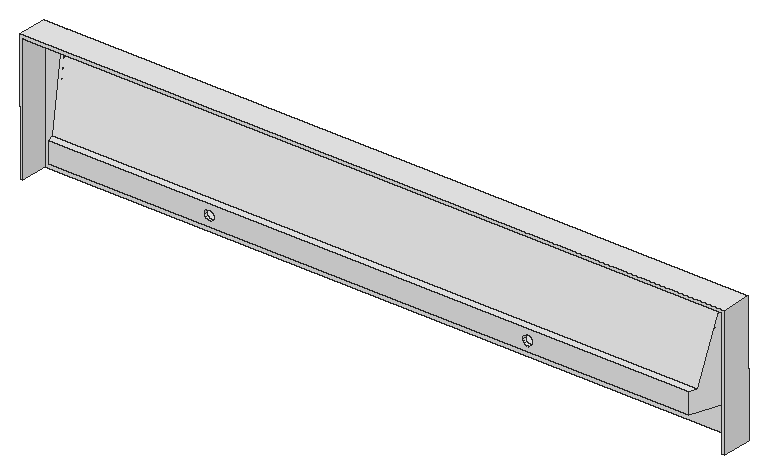
Revit family "xLavatory-Four_Station-Sloan-Designer_Weir_Series-DSWD-84000", category Plumbing Fixtures, host Face, Revit 2014
Parameters (values of type "DSWD-84000")
  Width = 120"
  Waste Connection Radius = 3/4"
  Waste Connection Height = 20"
  Waste Connection Diameter = Waste Connection Radius * 2  # 1 1/2"
  Waste Connection = yes
  Warranty Information = "3 Year Limited Warranty"
  WFU = 2
  Vent Connection = no
  URL = "https://www.sloan.com/"
  Type Comments = ""
  Stainless Steel Basin Grate [instance] = yes
  Soap Dispenser Holes = yes
  Soap Dispenser Hole Punch = if(Soap Dispenser Holes, 0", 1/4")  # 0"
  Product Page URL = "https://www.sloan.com/commercial-bathroom-products/sinks/designer-series/dswd-80000"
  Product Documentation Link = "https://www.sloan.com/sites/default/files/2017-10/DSWD84000%20Arch%20Worksheet.pdf"
  Price = "Prices may vary. Please consult Manufacturer Representative for most up-to-date price list."  # constant formula
  Model = "DSWD-84000"
  Material = "Natural Stone-Sloan-DSC001-Designer White"
  Manufacturer = "SLOAN"
  Length = 22"
  Installation Type = "Wall Mounted"
  IAPMO Compliance = "cUPC"
  Hot Water Connection Width = Cold Water Connection Width  # 3"
  Hot Water Connection Height = Cold Water Connection Height  # 24"
  Hot Water Connection Diameter = Cold Water Connection Diameter  # 1/2"
  Faucet Width = 30"
  Faucet Hole Punch = if(Faucet Holes, 0", 1/4")  # 0"
  Height = 5"
  HWFU = 1.5
  HW Connection = yes
  Finish = Natural Stone-Sloan-DSC001-Designer White
  Faucet Holes = yes
  Description = "Four Station Weir Deck Lavatory"
  Default Elevation = 34"
  Creation Date = "01/23/2018"
  Cold Water Connection Width = 3"
  Cold Water Connection Radius = 1/4"
  Cold Water Connection Height = 24"
  Cold Water Connection Diameter = Cold Water Connection Radius * 2  # 1/2"
  CWFU = 1.5
  CW Connection = yes
  Basin Shape = "Rectangular"
  Assembly Code = "D2010300"
  Angled Stainless Steel Enclosure [instance] = no
  ADA Compliant = yes
Reference planes (in)
  plane 1 "Center (Front/Back)": y = 0
  plane 2: z = 0
  plane 3 "Center (Left/Right)": x = 0
  plane 4: y = -5
  plane 5: z = 22
  plane 6: y = -34
  plane 7: y = -14
  plane 8: y = -10
  plane 9: x = 60
  plane 10: x = -60
  plane 11: x = 56
  plane 12: x = -56
  plane 13: x = -27.125
  plane 14: x = 27.125
  plane 15: z = 6.25
  plane 16: z = 3.125
  plane 17: x = -21
  plane 18: x = -39
  plane 19: x = 21
  plane 20: x = 39
  plane 21: x = -15
  plane 22: x = -45
  plane 23: z = 2.75
  plane 24: x = 15
  plane 25: x = 45
  plane 26: x = -30.125
  plane 27: x = -24.125
  plane 28: x = 30.125
  plane 29: x = 24.125
  plane 30: y = -22
  plane 31: x = -19.6875
  plane 32: x = 19.6875
  plane 33: x = -19.875
  plane 34: x = 19.875
Forms (in)
  Extrusion 1, solid, material "Natural Stone-Sloan-DSC001-Designer White" <- "Finish"
    sketch origin (0, 0, 0) x (1, 0, 0) y (0, 0, 1)
      loop
        line (60, 0) -> (60, 22) -> (56, 22) -> (56, 5) -> (-56, 5) -> (-56, 22) -> (-60, 22) -> (-60, 0) -> (60, 0)
    from 0 to 0.5
  Extrusion 2, solid, material "Natural Stone-Sloan-DSC001-Designer White" <- "Finish"
    sketch origin (0, 0, 0) x (1, 0, 0) y (0, 1, 0)
      loop
        line (-54.58906, -5.46208) -> (-54.08274, -5.4779) -> (-56, 0) -> (-56.33543, -0.47244) -> (-54.58906, -5.46208)
      loop
        line (54.58906, -5.46208) -> (56.33543, -0.47244) -> (56, 0) -> (54.08274, -5.4779) -> (54.58906, -5.46208)
    from 5 to 22
  Extrusion 3, solid, not visible
    sketch origin (0, 0, 0) x (1, 0, 0) y (0, 1, 0)
      loop
        circle (-27.125, -14) r 0.75
      loop
        circle (-30.125, -10) r 0.25
      loop
        circle (-24.125, -10) r 0.25
      loop
        circle (27.125, -14) r 0.75
      loop
        circle (30.125, -10) r 0.25
      loop
        circle (24.125, -10) r 0.25
    from 0 to 0.032
  Extrusion 4, void
    sketch origin (0, 0, 0) x (1, 0, 0) y (0, 0, 1)
      loop
        circle (-15, 2.75) r 0.625
      loop
        circle (-45, 2.75) r 0.625
      loop
        circle (15, 2.75) r 0.625
      loop
        circle (45, 2.75) r 0.625
    from 0 <- "Faucet Hole Punch" to 0.5
  Extrusion 5, void
    sketch origin (0, 0, 23) x (1, 0, 0) y (0, 0, 1)
      loop
        circle (-21, -19.875) r 0.5
      loop
        circle (-39, -19.875) r 0.5
      loop
        circle (21, -19.875) r 0.5
      loop
        circle (39, -19.875) r 0.5
    from 0 <- "Soap Dispenser Hole Punch" to 0.5
  Extrusion 6, solid, material "Natural Stone-Sloan-DSC001-Designer White" <- "Finish"
    sketch origin (44, 0, 112.82314) x (0, 0, -1) y (0, 1, 0)
      loop
        line (107.82314, 0) -> (107.82314, -5.28906) -> (105.32314, -5.28906) -> (105.32314, -4) -> (90.82314, 0) -> (90.82314, -0.51868) -> (104.82314, -4.38075) -> (104.82314, -5.78906) -> (108.32314, -5.78906) -> (108.32314, -0.5) -> (107.82314, 0)
    from -100.33543 to 12.33543
  Extrusion 7, solid, material "Natural Stone-Sloan-DSC001-Designer White" <- "Finish"
    sketch origin (0, 1.2938, 0) x (1, 0, 0) y (0, 0, 1)
      loop
        line (60, 22) -> (-60, 22) -> (-60, 0) -> (-59.5, 0) -> (-59.5, 21.5) -> (59.5, 21.5) -> (59.5, 0) -> (60, 0) -> (60, 22)
    from 1.7938 to 6.2938
  Extrusion 8, void
    sketch origin (0, 0, 0) x (1, 0, 0) y (0, 1, 0)
      loop
        line (56.33543, -0.47244) -> (54.47461, -5.78906) -> (56.33543, -5.78906) -> (56.33543, -0.47244)
      loop
        line (-56.33543, -0.47244) -> (-56.33543, -5.78906) -> (-54.47461, -5.78906) -> (-56.33543, -0.47244)
    from 0 to 21.5
  Extrusion 9, void
    sketch origin (44, 0, 112.82314) x (0, 0, -1) y (0, 1, 0)
      loop
        line (104.82314, -4.38075) -> (90.82314, -0.51868) -> (90.82314, -5.78906) -> (104.82314, -5.78906) -> (104.82314, -4.38075)
    from -100.33543 to 12.33543
  Extrusion 10, void
    sketch origin (0, 0, 0) x (1, 0, 0) y (0, 0, 1)
      loop
        circle (27.125, 6.25) r 0.875
      loop
        circle (-27.125, 6.25) r 0.875
    from 5.28906 to 5.78906
  Extrusion 11, solid, material "Stainless Steel-Sloan-Satin", visible <- "Angled Stainless Steel Enclosure"
    sketch origin (0, 25.02578, 59.38794) x (0, 1, 0) y (0, 0, 1)
      loop
        line (-30.62246, -47.25332) -> (-30.74068, -46.38635) -> (-32.10307, -46.57213) -> (-31.98485, -47.43911) -> (-30.62246, -47.25332)
      loop
        line (-32.03833, -47.50948) -> (-30.55208, -47.30681) -> (-30.6872, -46.31598) -> (-32.17344, -46.51865) -> (-32.03833, -47.50948)
      loop
        line (-45.48491, -49.28) -> (-45.60313, -48.41303) -> (-46.96553, -48.59881) -> (-46.8473, -49.46578) -> (-45.48491, -49.28)
      loop
        line (-45.41454, -49.33349) -> (-45.54965, -48.34265) -> (-47.0359, -48.54532) -> (-46.90078, -49.53615) -> (-45.41454, -49.33349)
    from -59.0625 to 59.0625
  Extrusion 12, solid, material "Stainless Steel-Sloan-Satin", visible <- "Angled Stainless Steel Enclosure"
    sketch origin (39.8125, 25.02656, 59.38608) x (0, 1, 0) y (0, 0, 1)
      loop
        arc (-30.71712, -46.22346) -> (-30.69443, -46.1936) -> (-30.72429, -46.1709) r 0.02652
        line (-30.72429, -46.1709) -> (-47.06827, -48.39963)
        arc (-47.06827, -48.39963) -> (-47.12442, -48.44125) -> (-47.14314, -48.50859) r 0.10755
        line (-47.14314, -48.50859) -> (-47.0696, -49.04788) -> (-47.14957, -49.517) -> (-47.10028, -49.5254) -> (-47.01903, -49.04872) -> (-47.0933, -48.504)
        arc (-47.0933, -48.504) -> (-47.08629, -48.47456) -> (-47.0653, -48.45275) r 0.05755
        line (-47.0653, -48.45275) -> (-30.71712, -46.22346)
    from -59.5 to -20.125
  Extrusion 13, solid, material "Stainless Steel-Sloan-Satin", visible <- "Angled Stainless Steel Enclosure"
    sketch origin (0.25, 25.02656, 59.38608) x (0, 1, 0) y (0, 0, 1)
      loop
        arc (-30.71712, -46.22346) -> (-30.69443, -46.1936) -> (-30.72429, -46.1709) r 0.02652
        line (-30.72429, -46.1709) -> (-47.06827, -48.39963)
        arc (-47.06827, -48.39963) -> (-47.12442, -48.44125) -> (-47.14314, -48.50859) r 0.10755
        line (-47.14314, -48.50859) -> (-47.0696, -49.04788) -> (-47.14957, -49.517) -> (-47.10028, -49.5254) -> (-47.01903, -49.04872) -> (-47.0933, -48.504)
        arc (-47.0933, -48.504) -> (-47.08629, -48.47456) -> (-47.0653, -48.45275) r 0.05755
        line (-47.0653, -48.45275) -> (-30.71712, -46.22346)
    from -59.5 to -20.125
  Sweep 14, solid, material "Stainless Steel-Sloan-Satin", visible <- "Angled Stainless Steel Enclosure"
    path origin (0.25, 0, 0) x (0, 1, 0) y (0, 0, 1)
      loop
        line (-1.09528, 13.69464) -> (-21.875, 10.86104) -> (-21.875, 0) -> (-1.09528, 0) -> (-1.09528, 13.69464)
    profile origin (0.25, -1.09528, 6.84732) x (1, 0, 0) y (0, 1, 0)
      loop
        line (-59.5, 0) -> (-59.5, -1.75) -> (-59.3125, -1.75) -> (-59.3125, -0.1875) -> (-57.75, -0.1875) -> (-57.75, 0) -> (-59.5, 0)
  Extrusion 15, solid, material "Stainless Steel-Sloan-Satin", visible <- "Angled Stainless Steel Enclosure"
    sketch origin (-0.25, 25.02656, 59.38608) x (0, 1, 0) y (0, 0, -1)
      loop
        line (-30.71712, 46.22346) -> (-47.0653, 48.45275)
        arc (-47.0653, 48.45275) -> (-47.08629, 48.47456) -> (-47.0933, 48.504) r 0.05755
        line (-47.0933, 48.504) -> (-47.01903, 49.04872) -> (-47.10028, 49.5254) -> (-47.14957, 49.517) -> (-47.0696, 49.04788) -> (-47.14314, 48.50859)
        arc (-47.14314, 48.50859) -> (-47.12442, 48.44125) -> (-47.06827, 48.39963) r 0.10755
        line (-47.06827, 48.39963) -> (-30.72429, 46.1709)
        arc (-30.72429, 46.1709) -> (-30.69443, 46.1936) -> (-30.71712, 46.22346) r 0.02652
    from -59.5 to -20.125
  Sweep 16, solid, material "Stainless Steel-Sloan-Satin", visible <- "Angled Stainless Steel Enclosure"
    path origin (-0.25, 0, 0) x (0, 1, 0) y (0, 0, -1)
      loop
        line (-1.09528, -13.69464) -> (-1.09528, 0) -> (-21.875, 0) -> (-21.875, -10.86104) -> (-1.09528, -13.69464)
    profile origin (-0.25, -1.09528, 6.84732) x (-1, 0, 0) y (0, -1, 0)
      loop
        line (-59.5, 0) -> (-57.75, 0) -> (-57.75, 0.1875) -> (-59.3125, 0.1875) -> (-59.3125, 1.75) -> (-59.5, 1.75) -> (-59.5, 0)
  Extrusion 17, solid, material "Stainless Steel-Sloan-Satin", visible <- "Angled Stainless Steel Enclosure"
    sketch origin (10.60653, 0, 0) x (0, 1, 0) y (0, 0, 1)
      loop
        line (-1.09528, 13.84278) -> (-21.875, 11.00919) -> (-21.875, 0) -> (-1.09528, 0) -> (-1.09528, 13.84278)
    from -69.91903 to -69.85653
  Extrusion 18, solid, material "Stainless Steel-Sloan-Satin", visible <- "Angled Stainless Steel Enclosure"
    sketch origin (-10.60653, 0, 0) x (0, 1, 0) y (0, 0, -1)
      loop
        line (-1.09528, -13.84278) -> (-1.09528, 0) -> (-21.875, 0) -> (-21.875, -11.00919) -> (-1.09528, -13.84278)
    from -69.91903 to -69.85653
Cuts and joins
  Extrusion 4, Extrusion 5, Extrusion 10 cuts Extrusion 1
  Extrusion 4, Extrusion 5, Extrusion 9, Extrusion 10 cuts Extrusion 2
  Extrusion 8, Extrusion 10 cuts Extrusion 6
  Extrusion 10 cuts Extrusion 7
  joined: Extrusion 1, Extrusion 2, Extrusion 6, Extrusion 7
  joined: Extrusion 11, Extrusion 12, Extrusion 13, Sweep 14, Extrusion 15, Sweep 16, Extrusion 17, Extrusion 18
Lines and regions (in)
  Masking region 1
    outline origin (44, -5.28906, 4.52756) x (0, 0, 1) y (1, 0, 0)
      loop
        line (17.47244, 16) -> (-4.52756, 16) -> (-4.52756, -104) -> (17.47244, -104) -> (17.47244, 16)
  symbolic lines, detail levels medium+fine
    curve 1: line (-56, 0, 5) -> (56, 0, 5)
    curve 2: line (-54.6, 0, 7.5) -> (54.6, 0, 7.5)
    curve 3: line (56, 0, 5) -> (56, 0, 22)
    curve 4: line (56, 0, 22) -> (54.6, 0, 7.5)
    curve 5: line (54.14883, 0, 7.5) -> (54.14883, 0, 5)
    curve 6: line (-56, 0, 5) -> (-56, 0, 22)
    curve 7: line (-56, 0, 22) -> (-54.6, 0, 7.5)
    curve 8: line (-54.14883, 0, 7.5) -> (-54.14883, 0, 5)
  symbolic lines, detail levels fine
    curve 9: line (27.14883, 0, 5) -> (27.14883, 0, 7.5)
    curve 10: line (-27.125, 0, 5) -> (-27.125, 0, 7.5)
  symbolic lines, visible <- "Faucet Holes", detail levels medium+fine
    curve 11: circle (45, 0, 2.75) r 0.625 normal (0, -1, 0)
    curve 14: circle (15, 0, 2.75) r 0.625 normal (0, -1, 0)
    curve 15: circle (-15, 0, 2.75) r 0.625 normal (0, -1, 0)
    curve 18: circle (-45, 0, 2.75) r 0.625 normal (0, -1, 0)
  symbolic lines, visible <- "Soap Dispenser Holes", detail levels medium+fine
    curve 12: circle (39, 0, 3.125) r 0.5 normal (0, -1, 0)
    curve 13: circle (21, 0, 3.125) r 0.5 normal (0, -1, 0)
    curve 16: circle (-21, 0, 3.125) r 0.5 normal (0, -1, 0)
    curve 17: circle (-39, 0, 3.125) r 0.5 normal (0, -1, 0)
Dimensions and locks (in)
  "Length": host face to plane 5
  "Height": plane 4 to plane 1 "Center (Front/Back)"
  "Cold Water Connection Height": plane 6 to plane 8
  "Waste Connection Height": plane 6 to plane 7
  "Default Elevation": plane 6 to plane 1 "Center (Front/Back)"
  "Width": plane 9 to plane 10
  plane 9 to plane 11 to plane 12 to plane 10 = 4", 112", 4"
  equal spacing: plane 13, plane 3 "Center (Left/Right)", plane 14
  equal spacing: plane 9, plane 3 "Center (Left/Right)", plane 10
  plane 1 "Center (Front/Back)" to plane 6 = 34"
  aligned and locked: plane 2 to host face
  aligned and locked: level to host face
  aligned and locked: Extrusion 1 sketch curve to level
  aligned and locked: Extrusion 1 sketch curve to plane 5
  aligned and locked: Extrusion 1 to Extrusion 4
  aligned and locked: plane 9 to Extrusion 1 sketch curve
  aligned and locked: Extrusion 1 sketch curve to plane 11
  aligned and locked: Extrusion 1 sketch curve to plane 10
  aligned and locked: plane 12 to Extrusion 1 sketch curve
  aligned and locked: Extrusion 6 to Extrusion 10  (x2)
  aligned and locked: plane 14 to Extrusion 10 sketch curve
  aligned and locked: plane 13 to Extrusion 10 sketch curve
  aligned and locked: plane 21 to Extrusion 4 sketch curve
  aligned and locked: Extrusion 4 sketch curve to plane 24
  aligned and locked: plane 26 to Extrusion 3 sketch curve
  aligned and locked: plane 27 to Extrusion 3 sketch curve
  aligned and locked: Extrusion 3 sketch curve to plane 28
  aligned and locked: Extrusion 3 sketch curve to plane 29
  aligned and locked: curve 11 to cut or joined group 1 (Extrusion 1, Extrusion 2, Extrusion 4, Extrusion 5, Extrusion 6, Extrusion 7, Extrusion 8, Extrusion 9, Extrusion 10)
  aligned and locked: curve 12 to cut or joined group 1
  aligned and locked: curve 13 to cut or joined group 1
  aligned and locked: curve 14 to cut or joined group 1
  aligned and locked: curve 15 to cut or joined group 1
  aligned and locked: curve 16 to cut or joined group 1
  aligned and locked: curve 17 to cut or joined group 1
  aligned and locked: curve 18 to cut or joined group 1
Automatic sketch dimensions
  host sketch curve to host sketch curve = 96"  (x2)
  Extrusion 1 sketch curve to plane 5 = 0"
  level to Extrusion 1 sketch curve = 5"
  plane 7 to Extrusion 3 sketch curve = 0"  (x2)
  Extrusion 3 sketch curve to plane 13 = 0"
  Extrusion 3 sketch curve to plane 14 = 0"
  plane 8 to Extrusion 3 sketch curve = 0"  (x4)
  Extrusion 4 sketch curve to plane 22 = 0"
  Extrusion 4 sketch curve to plane 23 = 0"  (x4)
  plane 25 to Extrusion 4 sketch curve = 0"
  Extrusion 5 sketch curve to plane 16 = 0"  (x4)
  Extrusion 5 sketch curve to plane 18 = 0"
  Extrusion 5 sketch curve to plane 17 = 0"
  plane 19 to Extrusion 5 sketch curve = 0"
  plane 20 to Extrusion 5 sketch curve = 0"
  Extrusion 7 sketch curve to plane 5 = 0"
  Extrusion 7 sketch curve to plane 10 = 0"
  Extrusion 7 sketch curve to level = 0"  (x2)
  Extrusion 7 sketch curve to plane 9 = 0"
  Extrusion 7 sketch curve to Extrusion 7 sketch curve = 1/2"  (x2)
  plane 5 to Extrusion 7 sketch curve = 1/2"
  Extrusion 10 sketch curve to plane 15 = 0"  (x2)
  Sweep 14 sketch curve to level = 0"
  Sweep 14 sketch curve to plane 30 = 1/8"
  plane 1 "Center (Front/Back)" to Sweep 14 sketch curve = 1.09528"
  Sweep 14 sketch curve to Sweep 14 sketch curve = 10.86104"
  plane 5 to Sweep 14 sketch curve = 8.30536"
  profile plane to Sweep 14 sketch curve = 0"
  profile plane to Sweep 14 sketch curve = 1 3/4"
  Sweep 14 sketch curve to profile plane = 59 1/2"
  Sweep 14 sketch curve to Sweep 14 sketch curve = 3/16"
  profile plane to Sweep 14 sketch curve = 3/16"
  Sweep 14 sketch curve to Sweep 14 sketch curve = 1 9/16"
  Sweep 16 sketch curve to level = 0"
  Sweep 16 sketch curve to plane 30 = 1/8"
  plane 1 "Center (Front/Back)" to Sweep 16 sketch curve = 1.09528"
  Sweep 16 sketch curve to Sweep 16 sketch curve = 10.86104"
  plane 5 to Sweep 16 sketch curve = 8.30536"
  Sweep 16 sketch curve to profile plane = 0"
  Sweep 16 sketch curve to profile plane = 1 3/4"
  Sweep 16 sketch curve to profile plane = 59 1/2"
  Sweep 16 sketch curve to Sweep 16 sketch curve = 3/16"
  Sweep 16 sketch curve to profile plane = 3/16"
  Sweep 16 sketch curve to Sweep 16 sketch curve = 1 9/16"
  Extrusion 17 sketch curve to level = 0"
  Extrusion 17 sketch curve to plane 30 = 1/8"
  plane 1 "Center (Front/Back)" to Extrusion 17 sketch curve = 1.09528"
  plane 5 to Extrusion 17 sketch curve = 10.99081"
  plane 5 to Extrusion 17 sketch curve = 8.15722"
  Extrusion 18 sketch curve to level = 0"
  Extrusion 18 sketch curve to plane 30 = 1/8"
  plane 1 "Center (Front/Back)" to Extrusion 18 sketch curve = 1.09528"
  plane 5 to Extrusion 18 sketch curve = 10.99081"
  plane 5 to Extrusion 18 sketch curve = 8.15722"
  plane 1 "Center (Front/Back)" to Extrusion 2 sketch curve = 0"  (x2)
  Extrusion 2 sketch curve to plane 12 = 0"
  Extrusion 2 sketch curve to plane 11 = 0"
  Extrusion 2 sketch curve to plane 12 = 0.33543"
  plane 4 to Extrusion 2 sketch curve = 0.46208"  (x2)
  plane 12 to Extrusion 2 sketch curve = 1.41094"
  plane 4 to Extrusion 2 sketch curve = 0.4779"  (x2)
  Extrusion 2 sketch curve to Extrusion 2 sketch curve = 0.50632"  (x2)
  Extrusion 2 sketch curve to plane 11 = 1.91726"
  plane 11 to Extrusion 2 sketch curve = 0.33543"
  plane 1 "Center (Front/Back)" to Extrusion 2 sketch curve = 0.47244"  (x2)
  Extrusion 6 sketch curve to plane 1 "Center (Front/Back)" = 0"  (x2)
  plane 5 to Extrusion 6 sketch curve = 0"
  plane 4 to Extrusion 6 sketch curve = 101/128"
  level to Extrusion 6 sketch curve = 8"
  Extrusion 6 sketch curve to Extrusion 6 sketch curve = 1/2"  (x2)
  plane 4 to Extrusion 6 sketch curve = 37/128"
  Extrusion 6 sketch curve to Extrusion 6 sketch curve = 2 1/2"
  plane 1 "Center (Front/Back)" to Extrusion 6 sketch curve = 1/2"
  Extrusion 6 sketch curve to plane 4 = 0.61925"
  Extrusion 6 sketch curve to Extrusion 6 sketch curve = 0.38075"
  plane 1 "Center (Front/Back)" to Extrusion 6 sketch curve = 0.51868"
  Extrusion 8 sketch curve to plane 12 = 0.33543"
  plane 12 to Extrusion 8 sketch curve = 1.52539"
  Extrusion 8 sketch curve to plane 11 = 1.52539"
  plane 11 to Extrusion 8 sketch curve = 0.33543"
  plane 4 to Extrusion 8 sketch curve = 101/128"  (x2)
  plane 1 "Center (Front/Back)" to Extrusion 8 sketch curve = 0.47244"  (x2)
  plane 5 to Extrusion 9 sketch curve = 0"
  plane 4 to Extrusion 9 sketch curve = 101/128"
  level to Extrusion 9 sketch curve = 8"
  Extrusion 9 sketch curve to plane 4 = 0.61925"
  plane 1 "Center (Front/Back)" to Extrusion 9 sketch curve = 0.51868"
  plane 30 to Extrusion 11 sketch curve = 0.01011"
  Extrusion 11 sketch curve to plane 30 = 0.06026"
  Extrusion 11 sketch curve to plane 30 = 1/8"
  Extrusion 11 sketch curve to Extrusion 11 sketch curve = 0.05348"  (x6)
  Extrusion 11 sketch curve to Extrusion 11 sketch curve = 1.36239"
  plane 4 to Extrusion 11 sketch curve = 2.14766"
  Extrusion 11 sketch curve to Extrusion 11 sketch curve = 0.07037"  (x3)
  Extrusion 11 sketch curve to Extrusion 11 sketch curve = 0.06474"
  plane 4 to Extrusion 11 sketch curve = 0.7149"
  level to Extrusion 11 sketch curve = 9.85179"
  Extrusion 11 sketch curve to Extrusion 11 sketch curve = 0.1323"  (x2)
  level to Extrusion 11 sketch curve = 11.87847"
  Extrusion 12 sketch curve to Extrusion 12 sketch curve = 0"  (x2)
  Extrusion 12 sketch curve to plane 30 = 0.12301"
  Extrusion 12 sketch curve to plane 30 = 0.11658"
  Extrusion 12 sketch curve to Extrusion 12 sketch curve = 0.04929"
  Extrusion 12 sketch curve to Extrusion 12 sketch curve = 0.04984"
  Extrusion 12 sketch curve to plane 30 = 0.04304"
  Extrusion 12 sketch curve to plane 30 = 0.04171"
  Extrusion 12 sketch curve to plane 30 = 0.03874"
  Extrusion 12 sketch curve to plane 30 = 0.00923"
  plane 30 to Extrusion 12 sketch curve = 0.00753"
  Extrusion 12 sketch curve to plane 4 = 0.69773"
  Extrusion 12 sketch curve to Extrusion 12 sketch curve = 0.00358"  (x2)
  Extrusion 12 sketch curve to plane 5 = 8.78482"
  Extrusion 12 sketch curve to Extrusion 12 sketch curve = 0.02628"
  Extrusion 12 sketch curve to level = 10.98645"
  Extrusion 12 sketch curve to Extrusion 12 sketch curve = 0.05312"
  Extrusion 12 sketch curve to Extrusion 12 sketch curve = 0.0494"
  Extrusion 12 sketch curve to Extrusion 12 sketch curve = 0.53929"
  Extrusion 12 sketch curve to Extrusion 12 sketch curve = 0.00084"
  Extrusion 13 sketch curve to Extrusion 13 sketch curve = 0"  (x2)
  Extrusion 13 sketch curve to plane 30 = 0.12301"
  Extrusion 13 sketch curve to plane 30 = 0.11658"
  Extrusion 13 sketch curve to Extrusion 13 sketch curve = 0.04929"
  Extrusion 13 sketch curve to Extrusion 13 sketch curve = 0.04984"
  Extrusion 13 sketch curve to plane 30 = 0.04304"
  Extrusion 13 sketch curve to plane 30 = 0.04171"
  Extrusion 13 sketch curve to plane 30 = 0.03874"
  Extrusion 13 sketch curve to plane 30 = 0.00923"
  plane 30 to Extrusion 13 sketch curve = 0.00753"
  Extrusion 13 sketch curve to plane 4 = 0.69773"
  Extrusion 13 sketch curve to Extrusion 13 sketch curve = 0.00358"  (x2)
  Extrusion 13 sketch curve to plane 5 = 8.78482"
  Extrusion 13 sketch curve to Extrusion 13 sketch curve = 0.02628"
  Extrusion 13 sketch curve to level = 10.98645"
  Extrusion 13 sketch curve to Extrusion 13 sketch curve = 0.05312"
  Extrusion 13 sketch curve to Extrusion 13 sketch curve = 0.0494"
  Extrusion 13 sketch curve to Extrusion 13 sketch curve = 0.53929"
  Extrusion 13 sketch curve to Extrusion 13 sketch curve = 0.00084"
  Extrusion 15 sketch curve to Extrusion 15 sketch curve = 0"  (x2)
  plane 30 to Extrusion 15 sketch curve = 0.12301"
  plane 30 to Extrusion 15 sketch curve = 0.11658"
  Extrusion 15 sketch curve to Extrusion 15 sketch curve = 0.04929"
  Extrusion 15 sketch curve to Extrusion 15 sketch curve = 0.04984"
  plane 30 to Extrusion 15 sketch curve = 0.04304"
  plane 30 to Extrusion 15 sketch curve = 0.04171"
  plane 30 to Extrusion 15 sketch curve = 0.03874"
  plane 30 to Extrusion 15 sketch curve = 0.00923"
  Extrusion 15 sketch curve to plane 30 = 0.00753"
  plane 4 to Extrusion 15 sketch curve = 0.69773"
  Extrusion 15 sketch curve to Extrusion 15 sketch curve = 0.00358"  (x2)
  plane 5 to Extrusion 15 sketch curve = 8.78482"
  Extrusion 15 sketch curve to Extrusion 15 sketch curve = 0.02628"
  level to Extrusion 15 sketch curve = 10.98645"
  Extrusion 15 sketch curve to Extrusion 15 sketch curve = 0.05312"
  Extrusion 15 sketch curve to Extrusion 15 sketch curve = 0.0494"
  Extrusion 15 sketch curve to Extrusion 15 sketch curve = 0.53929"
  Extrusion 15 sketch curve to Extrusion 15 sketch curve = 0.00084"
  curve 1 to plane 12 = 0"
  curve 4 to plane 5 = 0"
  curve 4 to plane 11 = 0"
  curve 6 to plane 5 = 0"
  plane 12 to curve 7 = 1.4"
  curve 2 to plane 11 = 1.4"
  level to curve 7 = 7 1/2"
  curve 6 to curve 2 = 2 1/2"
  curve 2 to curve 8 = 0.45117"
  plane 13 to curve 10 = 0"
  curve 9 to plane 14 = 0.02383"
  curve 5 to curve 2 = 0.45117"
  Extrusion 6 to Masking region 1 sketch curve = 5"
  Masking region 1 sketch curve to Extrusion 6 = 3.66457"  (x2)
  Extrusion 6 to Masking region 1 sketch curve = 14 1/2"
  radius of Extrusion 3 sketch curve = 3/4"  (x2)
  radius of Extrusion 3 sketch curve = 1/4"  (x4)
  radius of Extrusion 4 sketch curve = 5/8"  (x4)
  radius of Extrusion 5 sketch curve = 1/2"  (x4)
  radius of Extrusion 10 sketch curve = 7/8"  (x2)
Nested families (in)
  nested 1: "Stainless Steel Basin Grate" at (0, -5.03906, 6.25) x (-1, 0, 0) z (0, -1, 0), visible <- "Stainless Steel Basin Grate", type "Stainless Steel Basin Grate"
Connectors (in)
  piping at (-27.125, -14, 0), diameter 1.5, driven by "Waste Connection Diameter", driven by "WFU"
    settings: on Extrusion 3, index 1, connector inside diameter 24", connector length 0", flow factor 0, pipe flow 0 GPM, pressure drop 0.00 psi, fitting loss kfactor 0, connector angle 0.00°, fixture units 2, engagement length 0", angle of deflection 0.00°, flow configuration 3, flow direction 2, fitting loss method 0, system type 16, joint type 0, gender type 0, connector reference index -1, connector utility 0, adjustable connector yes, is connector primary yes, connector description "1-1/2\" Waste Outlet 1"
  piping at (27.125, -14, 0), diameter 1.5, driven by "Waste Connection Diameter", driven by "WFU"
    settings: on Extrusion 3, index 6, connector inside diameter 24", connector length 0", flow factor 0, pipe flow 0 GPM, pressure drop 0.00 psi, fitting loss kfactor 0, connector angle 0.00°, fixture units 2, engagement length 0", angle of deflection 0.00°, flow configuration 3, flow direction 2, fitting loss method 0, system type 16, joint type 0, gender type 0, connector reference index -1, connector utility 0, adjustable connector yes, is connector primary no, connector description "1-1/2\" Waste Outlet 2"
  piping at (-24.125, -10, 0), diameter 0.5, driven by "Cold Water Connection Diameter", driven by "CWFU"
    settings: on Extrusion 3, index 7, connector inside diameter 24", connector length 0", flow factor 0, pipe flow 0 GPM, pressure drop 0.00 psi, fitting loss kfactor 0, connector angle 0.00°, fixture units 1.5, engagement length 0", angle of deflection 0.00°, flow configuration 3, flow direction 1, fitting loss method 0, system type 20, joint type 0, gender type 0, connector reference index -1, connector utility 0, adjustable connector no, is connector primary no, connector description "1/2\" CW Supply Inlet 1"
  piping at (-30.125, -10, 0), diameter 0.5, driven by "HWFU", driven by "Hot Water Connection Diameter"
    settings: on Extrusion 3, index 8, connector inside diameter 24", connector length 0", flow factor 0, pipe flow 0 GPM, pressure drop 0.00 psi, fitting loss kfactor 0, connector angle 0.00°, fixture units 1.5, engagement length 0", angle of deflection 0.00°, flow configuration 3, flow direction 1, fitting loss method 0, system type 19, joint type 0, gender type 0, connector reference index -1, connector utility 0, adjustable connector no, is connector primary no, connector description "1/2\" HW Supply Inlet 1"
  piping at (24.125, -10, 0), diameter 0.5, driven by "Hot Water Connection Diameter", driven by "HWFU"
    settings: on Extrusion 3, index 9, connector inside diameter 24", connector length 0", flow factor 0, pipe flow 0 GPM, pressure drop 0.00 psi, fitting loss kfactor 0, connector angle 0.00°, fixture units 1.5, engagement length 0", angle of deflection 0.00°, flow configuration 3, flow direction 1, fitting loss method 0, system type 19, joint type 0, gender type 0, connector reference index -1, connector utility 0, adjustable connector no, is connector primary no, connector description "1/2\" HW Supply Inlet 2"
  piping at (30.125, -10, 0), diameter 0.5, driven by "Cold Water Connection Diameter", driven by "CWFU"
    settings: on Extrusion 3, index 10, connector inside diameter 24", connector length 0", flow factor 0, pipe flow 0 GPM, pressure drop 0.00 psi, fitting loss kfactor 0, connector angle 0.00°, fixture units 1.5, engagement length 0", angle of deflection 0.00°, flow configuration 3, flow direction 1, fitting loss method 0, system type 20, joint type 0, gender type 0, connector reference index -1, connector utility 0, adjustable connector no, is connector primary no, connector description "1/2\" CW Supply Inlet 2"
Definition of nested family "Stainless Steel Basin Grate"
  Parameters (values of type "Stainless Steel Basin Grate")
    Model = ""
    Material = ""
    Manufacturer = "SLOAN"
    Description = "Stainless Steel Basin Grate"
    Default Elevation = 0"
  Reference planes (in)
    plane 1 "Center (Front/Back)": y = 0
    plane 2: z = 0
    plane 3 "Center (Left/Right)": x = 0
  Lines and regions (in)
    model lines, detail levels fine
      curve 1: line (54.14883, 0, 0) -> (-54.14883, 0, 0)
      curve 2: line (54.14883, -0.875, 0) -> (-54.14883, -0.875, 0)
      curve 3: line (54.14883, 0.875, 0) -> (-54.14883, 0.875, 0)
      curve 4: line (54.14883, 0, 0) -> (-54.14883, 0, 0)
      curve 5: line (54.14883, -1.25, 0) -> (54.14883, 1.25, 0)
      curve 6: line (53.96133, -1.25, 0) -> (53.96133, 1.25, 0)
      curve 7: line (53.77383, -1.25, 0) -> (53.77383, 1.25, 0)
      curve 8: line (53.58633, -1.25, 0) -> (53.58633, 1.25, 0)
      curve 9: line (53.39883, -1.25, 0) -> (53.39883, 1.25, 0)
      curve 10: line (53.21133, -1.25, 0) -> (53.21133, 1.25, 0)
      curve 11: line (53.02383, -1.25, 0) -> (53.02383, 1.25, 0)
      curve 12: line (52.83633, -1.25, 0) -> (52.83633, 1.25, 0)
      curve 13: line (52.64883, -1.25, 0) -> (52.64883, 1.25, 0)
      curve 14: line (52.46133, -1.25, 0) -> (52.46133, 1.25, 0)
      curve 15: line (52.27383, -1.25, 0) -> (52.27383, 1.25, 0)
      curve 16: line (52.08633, -1.25, 0) -> (52.08633, 1.25, 0)
      curve 17: line (51.89883, -1.25, 0) -> (51.89883, 1.25, 0)
      curve 18: line (51.71133, -1.25, 0) -> (51.71133, 1.25, 0)
      curve 19: line (51.52383, -1.25, 0) -> (51.52383, 1.25, 0)
      curve 20: line (51.33633, -1.25, 0) -> (51.33633, 1.25, 0)
      curve 21: line (51.14883, -1.25, 0) -> (51.14883, 1.25, 0)
      curve 22: line (50.96133, -1.25, 0) -> (50.96133, 1.25, 0)
      curve 23: line (50.77383, -1.25, 0) -> (50.77383, 1.25, 0)
      curve 24: line (50.58633, -1.25, 0) -> (50.58633, 1.25, 0)
      curve 25: line (50.39883, -1.25, 0) -> (50.39883, 1.25, 0)
      curve 26: line (50.21133, -1.25, 0) -> (50.21133, 1.25, 0)
      curve 27: line (50.02383, -1.25, 0) -> (50.02383, 1.25, 0)
      curve 28: line (49.83633, -1.25, 0) -> (49.83633, 1.25, 0)
      curve 29: line (49.64883, -1.25, 0) -> (49.64883, 1.25, 0)
      curve 30: line (49.46133, -1.25, 0) -> (49.46133, 1.25, 0)
      curve 31: line (49.27383, -1.25, 0) -> (49.27383, 1.25, 0)
      curve 32: line (49.08633, -1.25, 0) -> (49.08633, 1.25, 0)
      curve 33: line (48.89883, -1.25, 0) -> (48.89883, 1.25, 0)
      curve 34: line (48.71133, -1.25, 0) -> (48.71133, 1.25, 0)
      curve 35: line (48.52383, -1.25, 0) -> (48.52383, 1.25, 0)
      curve 36: line (48.33633, -1.25, 0) -> (48.33633, 1.25, 0)
      curve 37: line (48.14883, -1.25, 0) -> (48.14883, 1.25, 0)
      curve 38: line (47.96133, -1.25, 0) -> (47.96133, 1.25, 0)
      curve 39: line (47.77383, -1.25, 0) -> (47.77383, 1.25, 0)
      curve 40: line (47.58633, -1.25, 0) -> (47.58633, 1.25, 0)
      curve 41: line (47.39883, -1.25, 0) -> (47.39883, 1.25, 0)
      curve 42: line (47.21133, -1.25, 0) -> (47.21133, 1.25, 0)
      curve 43: line (47.02383, -1.25, 0) -> (47.02383, 1.25, 0)
      curve 44: line (46.83633, -1.25, 0) -> (46.83633, 1.25, 0)
      curve 45: line (46.64883, -1.25, 0) -> (46.64883, 1.25, 0)
      curve 46: line (46.46133, -1.25, 0) -> (46.46133, 1.25, 0)
      curve 47: line (46.27383, -1.25, 0) -> (46.27383, 1.25, 0)
      curve 48: line (46.08633, -1.25, 0) -> (46.08633, 1.25, 0)
      curve 49: line (45.89883, -1.25, 0) -> (45.89883, 1.25, 0)
      curve 50: line (45.71133, -1.25, 0) -> (45.71133, 1.25, 0)
      curve 51: line (45.52383, -1.25, 0) -> (45.52383, 1.25, 0)
      curve 52: line (45.33633, -1.25, 0) -> (45.33633, 1.25, 0)
      curve 53: line (45.14883, -1.25, 0) -> (45.14883, 1.25, 0)
      curve 54: line (44.96133, -1.25, 0) -> (44.96133, 1.25, 0)
      curve 55: line (44.77383, -1.25, 0) -> (44.77383, 1.25, 0)
      curve 56: line (44.58633, -1.25, 0) -> (44.58633, 1.25, 0)
      curve 57: line (44.39883, -1.25, 0) -> (44.39883, 1.25, 0)
      curve 58: line (44.21133, -1.25, 0) -> (44.21133, 1.25, 0)
      curve 59: line (44.02383, -1.25, 0) -> (44.02383, 1.25, 0)
      curve 60: line (43.83633, -1.25, 0) -> (43.83633, 1.25, 0)
      curve 61: line (43.64883, -1.25, 0) -> (43.64883, 1.25, 0)
      curve 62: line (43.46133, -1.25, 0) -> (43.46133, 1.25, 0)
      curve 63: line (43.27383, -1.25, 0) -> (43.27383, 1.25, 0)
      curve 64: line (43.08633, -1.25, 0) -> (43.08633, 1.25, 0)
      curve 65: line (42.89883, -1.25, 0) -> (42.89883, 1.25, 0)
      curve 66: line (42.71133, -1.25, 0) -> (42.71133, 1.25, 0)
      curve 67: line (42.52383, -1.25, 0) -> (42.52383, 1.25, 0)
      curve 68: line (42.33633, -1.25, 0) -> (42.33633, 1.25, 0)
      curve 69: line (42.14883, -1.25, 0) -> (42.14883, 1.25, 0)
      curve 70: line (41.96133, -1.25, 0) -> (41.96133, 1.25, 0)
      curve 71: line (41.77383, -1.25, 0) -> (41.77383, 1.25, 0)
      curve 72: line (41.58633, -1.25, 0) -> (41.58633, 1.25, 0)
      curve 73: line (41.39883, -1.25, 0) -> (41.39883, 1.25, 0)
      curve 74: line (41.21133, -1.25, 0) -> (41.21133, 1.25, 0)
      curve 75: line (41.02383, -1.25, 0) -> (41.02383, 1.25, 0)
      curve 76: line (40.83633, -1.25, 0) -> (40.83633, 1.25, 0)
      curve 77: line (40.64883, -1.25, 0) -> (40.64883, 1.25, 0)
      curve 78: line (40.46133, -1.25, 0) -> (40.46133, 1.25, 0)
      curve 79: line (40.27383, -1.25, 0) -> (40.27383, 1.25, 0)
      curve 80: line (40.08633, -1.25, 0) -> (40.08633, 1.25, 0)
      curve 81: line (39.89883, -1.25, 0) -> (39.89883, 1.25, 0)
      curve 82: line (39.71133, -1.25, 0) -> (39.71133, 1.25, 0)
      curve 83: line (39.52383, -1.25, 0) -> (39.52383, 1.25, 0)
      curve 84: line (39.33633, -1.25, 0) -> (39.33633, 1.25, 0)
      curve 85: line (39.14883, -1.25, 0) -> (39.14883, 1.25, 0)
      curve 86: line (38.96133, -1.25, 0) -> (38.96133, 1.25, 0)
      curve 87: line (38.77383, -1.25, 0) -> (38.77383, 1.25, 0)
      curve 88: line (38.58633, -1.25, 0) -> (38.58633, 1.25, 0)
      curve 89: line (38.39883, -1.25, 0) -> (38.39883, 1.25, 0)
      curve 90: line (38.21133, -1.25, 0) -> (38.21133, 1.25, 0)
      curve 91: line (38.02383, -1.25, 0) -> (38.02383, 1.25, 0)
      curve 92: line (37.83633, -1.25, 0) -> (37.83633, 1.25, 0)
      curve 93: line (37.64883, -1.25, 0) -> (37.64883, 1.25, 0)
      curve 94: line (37.46133, -1.25, 0) -> (37.46133, 1.25, 0)
      curve 95: line (37.27383, -1.25, 0) -> (37.27383, 1.25, 0)
      curve 96: line (37.08633, -1.25, 0) -> (37.08633, 1.25, 0)
      curve 97: line (36.89883, -1.25, 0) -> (36.89883, 1.25, 0)
      curve 98: line (36.71133, -1.25, 0) -> (36.71133, 1.25, 0)
      curve 99: line (36.52383, -1.25, 0) -> (36.52383, 1.25, 0)
      curve 100: line (36.33633, -1.25, 0) -> (36.33633, 1.25, 0)
      curve 101: line (36.14883, -1.25, 0) -> (36.14883, 1.25, 0)
      curve 102: line (35.96133, -1.25, 0) -> (35.96133, 1.25, 0)
      curve 103: line (35.77383, -1.25, 0) -> (35.77383, 1.25, 0)
      curve 104: line (35.58633, -1.25, 0) -> (35.58633, 1.25, 0)
      curve 105: line (35.39883, -1.25, 0) -> (35.39883, 1.25, 0)
      curve 106: line (35.21133, -1.25, 0) -> (35.21133, 1.25, 0)
      curve 107: line (35.02383, -1.25, 0) -> (35.02383, 1.25, 0)
      curve 108: line (34.83633, -1.25, 0) -> (34.83633, 1.25, 0)
      curve 109: line (34.64883, -1.25, 0) -> (34.64883, 1.25, 0)
      curve 110: line (34.46133, -1.25, 0) -> (34.46133, 1.25, 0)
      curve 111: line (34.27383, -1.25, 0) -> (34.27383, 1.25, 0)
      curve 112: line (34.08633, -1.25, 0) -> (34.08633, 1.25, 0)
      curve 113: line (33.89883, -1.25, 0) -> (33.89883, 1.25, 0)
      curve 114: line (33.71133, -1.25, 0) -> (33.71133, 1.25, 0)
      curve 115: line (33.52383, -1.25, 0) -> (33.52383, 1.25, 0)
      curve 116: line (33.33633, -1.25, 0) -> (33.33633, 1.25, 0)
      curve 117: line (33.14883, -1.25, 0) -> (33.14883, 1.25, 0)
      curve 118: line (32.96133, -1.25, 0) -> (32.96133, 1.25, 0)
      curve 119: line (32.77383, -1.25, 0) -> (32.77383, 1.25, 0)
      curve 120: line (32.58633, -1.25, 0) -> (32.58633, 1.25, 0)
      curve 121: line (32.39883, -1.25, 0) -> (32.39883, 1.25, 0)
      curve 122: line (32.21133, -1.25, 0) -> (32.21133, 1.25, 0)
      curve 123: line (32.02383, -1.25, 0) -> (32.02383, 1.25, 0)
      curve 124: line (31.83633, -1.25, 0) -> (31.83633, 1.25, 0)
      curve 125: line (31.64883, -1.25, 0) -> (31.64883, 1.25, 0)
      curve 126: line (31.46133, -1.25, 0) -> (31.46133, 1.25, 0)
      curve 127: line (31.27383, -1.25, 0) -> (31.27383, 1.25, 0)
      curve 128: line (31.08633, -1.25, 0) -> (31.08633, 1.25, 0)
      curve 129: line (30.89883, -1.25, 0) -> (30.89883, 1.25, 0)
      curve 130: line (30.71133, -1.25, 0) -> (30.71133, 1.25, 0)
      curve 131: line (30.52383, -1.25, 0) -> (30.52383, 1.25, 0)
      curve 132: line (30.33633, -1.25, 0) -> (30.33633, 1.25, 0)
      curve 133: line (30.14883, -1.25, 0) -> (30.14883, 1.25, 0)
      curve 134: line (29.96133, -1.25, 0) -> (29.96133, 1.25, 0)
      curve 135: line (29.77383, -1.25, 0) -> (29.77383, 1.25, 0)
      curve 136: line (29.58633, -1.25, 0) -> (29.58633, 1.25, 0)
      curve 137: line (29.39883, -1.25, 0) -> (29.39883, 1.25, 0)
      curve 138: line (29.21133, -1.25, 0) -> (29.21133, 1.25, 0)
      curve 139: line (29.02383, -1.25, 0) -> (29.02383, 1.25, 0)
      curve 140: line (28.83633, -1.25, 0) -> (28.83633, 1.25, 0)
      curve 141: line (28.64883, -1.25, 0) -> (28.64883, 1.25, 0)
      curve 142: line (28.46133, -1.25, 0) -> (28.46133, 1.25, 0)
      curve 143: line (28.27383, -1.25, 0) -> (28.27383, 1.25, 0)
      curve 144: line (28.08633, -1.25, 0) -> (28.08633, 1.25, 0)
      curve 145: line (27.89883, -1.25, 0) -> (27.89883, 1.25, 0)
      curve 146: line (27.71133, -1.25, 0) -> (27.71133, 1.25, 0)
      curve 147: line (27.52383, -1.25, 0) -> (27.52383, 1.25, 0)
      curve 148: line (27.33633, -1.25, 0) -> (27.33633, 1.25, 0)
      curve 149: line (27.14883, -1.25, 0) -> (27.14883, 1.25, 0)
      curve 150: line (26.96133, -1.25, 0) -> (26.96133, 1.25, 0)
      curve 151: line (26.77383, -1.25, 0) -> (26.77383, 1.25, 0)
      curve 152: line (26.58633, -1.25, 0) -> (26.58633, 1.25, 0)
      curve 153: line (26.39883, -1.25, 0) -> (26.39883, 1.25, 0)
      curve 154: line (26.21133, -1.25, 0) -> (26.21133, 1.25, 0)
      curve 155: line (26.02383, -1.25, 0) -> (26.02383, 1.25, 0)
      curve 156: line (25.83633, -1.25, 0) -> (25.83633, 1.25, 0)
      curve 157: line (25.64883, -1.25, 0) -> (25.64883, 1.25, 0)
      curve 158: line (25.46133, -1.25, 0) -> (25.46133, 1.25, 0)
      curve 159: line (25.27383, -1.25, 0) -> (25.27383, 1.25, 0)
      curve 160: line (25.08633, -1.25, 0) -> (25.08633, 1.25, 0)
      curve 161: line (24.89883, -1.25, 0) -> (24.89883, 1.25, 0)
      curve 162: line (24.71133, -1.25, 0) -> (24.71133, 1.25, 0)
      curve 163: line (24.52383, -1.25, 0) -> (24.52383, 1.25, 0)
      curve 164: line (24.33633, -1.25, 0) -> (24.33633, 1.25, 0)
      curve 165: line (24.14883, -1.25, 0) -> (24.14883, 1.25, 0)
      curve 166: line (23.96133, -1.25, 0) -> (23.96133, 1.25, 0)
      curve 167: line (23.77383, -1.25, 0) -> (23.77383, 1.25, 0)
      curve 168: line (23.58633, -1.25, 0) -> (23.58633, 1.25, 0)
      curve 169: line (23.39883, -1.25, 0) -> (23.39883, 1.25, 0)
      curve 170: line (23.21133, -1.25, 0) -> (23.21133, 1.25, 0)
      curve 171: line (23.02383, -1.25, 0) -> (23.02383, 1.25, 0)
      curve 172: line (22.83633, -1.25, 0) -> (22.83633, 1.25, 0)
      curve 173: line (22.64883, -1.25, 0) -> (22.64883, 1.25, 0)
      curve 174: line (22.46133, -1.25, 0) -> (22.46133, 1.25, 0)
      curve 175: line (22.27383, -1.25, 0) -> (22.27383, 1.25, 0)
      curve 176: line (22.08633, -1.25, 0) -> (22.08633, 1.25, 0)
      curve 177: line (21.89883, -1.25, 0) -> (21.89883, 1.25, 0)
      curve 178: line (21.71133, -1.25, 0) -> (21.71133, 1.25, 0)
      curve 179: line (21.52383, -1.25, 0) -> (21.52383, 1.25, 0)
      curve 180: line (21.33633, -1.25, 0) -> (21.33633, 1.25, 0)
      curve 181: line (21.14883, -1.25, 0) -> (21.14883, 1.25, 0)
      curve 182: line (20.96133, -1.25, 0) -> (20.96133, 1.25, 0)
      curve 183: line (20.77383, -1.25, 0) -> (20.77383, 1.25, 0)
      curve 184: line (20.58633, -1.25, 0) -> (20.58633, 1.25, 0)
      curve 185: line (20.39883, -1.25, 0) -> (20.39883, 1.25, 0)
      curve 186: line (20.21133, -1.25, 0) -> (20.21133, 1.25, 0)
      curve 187: line (20.02383, -1.25, 0) -> (20.02383, 1.25, 0)
      curve 188: line (19.83633, -1.25, 0) -> (19.83633, 1.25, 0)
      curve 189: line (19.64883, -1.25, 0) -> (19.64883, 1.25, 0)
      curve 190: line (19.46133, -1.25, 0) -> (19.46133, 1.25, 0)
      curve 191: line (19.27383, -1.25, 0) -> (19.27383, 1.25, 0)
      curve 192: line (19.08633, -1.25, 0) -> (19.08633, 1.25, 0)
      curve 193: line (18.89883, -1.25, 0) -> (18.89883, 1.25, 0)
      curve 194: line (18.71133, -1.25, 0) -> (18.71133, 1.25, 0)
      curve 195: line (18.52383, -1.25, 0) -> (18.52383, 1.25, 0)
      curve 196: line (18.33633, -1.25, 0) -> (18.33633, 1.25, 0)
      curve 197: line (18.14883, -1.25, 0) -> (18.14883, 1.25, 0)
      curve 198: line (17.96133, -1.25, 0) -> (17.96133, 1.25, 0)
      curve 199: line (17.77383, -1.25, 0) -> (17.77383, 1.25, 0)
      curve 200: line (17.58633, -1.25, 0) -> (17.58633, 1.25, 0)
      curve 201: line (17.39883, -1.25, 0) -> (17.39883, 1.25, 0)
      curve 202: line (17.21133, -1.25, 0) -> (17.21133, 1.25, 0)
      curve 203: line (17.02383, -1.25, 0) -> (17.02383, 1.25, 0)
      curve 204: line (16.83633, -1.25, 0) -> (16.83633, 1.25, 0)
      curve 205: line (16.64883, -1.25, 0) -> (16.64883, 1.25, 0)
      curve 206: line (16.46133, -1.25, 0) -> (16.46133, 1.25, 0)
      curve 207: line (16.27383, -1.25, 0) -> (16.27383, 1.25, 0)
      curve 208: line (16.08633, -1.25, 0) -> (16.08633, 1.25, 0)
      curve 209: line (15.89883, -1.25, 0) -> (15.89883, 1.25, 0)
      curve 210: line (15.71133, -1.25, 0) -> (15.71133, 1.25, 0)
      curve 211: line (15.52383, -1.25, 0) -> (15.52383, 1.25, 0)
      curve 212: line (15.33633, -1.25, 0) -> (15.33633, 1.25, 0)
      curve 213: line (15.14883, -1.25, 0) -> (15.14883, 1.25, 0)
      curve 214: line (14.96133, -1.25, 0) -> (14.96133, 1.25, 0)
      curve 215: line (14.77383, -1.25, 0) -> (14.77383, 1.25, 0)
      curve 216: line (14.58633, -1.25, 0) -> (14.58633, 1.25, 0)
      curve 217: line (14.39883, -1.25, 0) -> (14.39883, 1.25, 0)
      curve 218: line (14.21133, -1.25, 0) -> (14.21133, 1.25, 0)
      curve 219: line (14.02383, -1.25, 0) -> (14.02383, 1.25, 0)
      curve 220: line (13.83633, -1.25, 0) -> (13.83633, 1.25, 0)
      curve 221: line (13.64883, -1.25, 0) -> (13.64883, 1.25, 0)
      curve 222: line (13.46133, -1.25, 0) -> (13.46133, 1.25, 0)
      curve 223: line (13.27383, -1.25, 0) -> (13.27383, 1.25, 0)
      curve 224: line (13.08633, -1.25, 0) -> (13.08633, 1.25, 0)
      curve 225: line (12.89883, -1.25, 0) -> (12.89883, 1.25, 0)
      curve 226: line (12.71133, -1.25, 0) -> (12.71133, 1.25, 0)
      curve 227: line (12.52383, -1.25, 0) -> (12.52383, 1.25, 0)
      curve 228: line (12.33633, -1.25, 0) -> (12.33633, 1.25, 0)
      curve 229: line (12.14883, -1.25, 0) -> (12.14883, 1.25, 0)
      curve 230: line (11.96133, -1.25, 0) -> (11.96133, 1.25, 0)
      curve 231: line (11.77383, -1.25, 0) -> (11.77383, 1.25, 0)
      curve 232: line (11.58633, -1.25, 0) -> (11.58633, 1.25, 0)
      curve 233: line (11.39883, -1.25, 0) -> (11.39883, 1.25, 0)
      curve 234: line (11.21133, -1.25, 0) -> (11.21133, 1.25, 0)
      curve 235: line (11.02383, -1.25, 0) -> (11.02383, 1.25, 0)
      curve 236: line (10.83633, -1.25, 0) -> (10.83633, 1.25, 0)
      curve 237: line (10.64883, -1.25, 0) -> (10.64883, 1.25, 0)
      curve 238: line (10.46133, -1.25, 0) -> (10.46133, 1.25, 0)
      curve 239: line (10.27383, -1.25, 0) -> (10.27383, 1.25, 0)
      curve 240: line (10.08633, -1.25, 0) -> (10.08633, 1.25, 0)
      curve 241: line (9.89883, -1.25, 0) -> (9.89883, 1.25, 0)
      curve 242: line (9.71133, -1.25, 0) -> (9.71133, 1.25, 0)
      curve 243: line (9.52383, -1.25, 0) -> (9.52383, 1.25, 0)
      curve 244: line (9.33633, -1.25, 0) -> (9.33633, 1.25, 0)
      curve 245: line (9.14883, -1.25, 0) -> (9.14883, 1.25, 0)
      curve 246: line (8.96133, -1.25, 0) -> (8.96133, 1.25, 0)
      curve 247: line (8.77383, -1.25, 0) -> (8.77383, 1.25, 0)
      curve 248: line (8.58633, -1.25, 0) -> (8.58633, 1.25, 0)
      curve 249: line (8.39883, -1.25, 0) -> (8.39883, 1.25, 0)
      curve 250: line (8.21133, -1.25, 0) -> (8.21133, 1.25, 0)
      curve 251: line (8.02383, -1.25, 0) -> (8.02383, 1.25, 0)
      curve 252: line (7.83633, -1.25, 0) -> (7.83633, 1.25, 0)
      curve 253: line (7.64883, -1.25, 0) -> (7.64883, 1.25, 0)
      curve 254: line (7.46133, -1.25, 0) -> (7.46133, 1.25, 0)
      curve 255: line (7.27383, -1.25, 0) -> (7.27383, 1.25, 0)
      curve 256: line (7.08633, -1.25, 0) -> (7.08633, 1.25, 0)
      curve 257: line (6.89883, -1.25, 0) -> (6.89883, 1.25, 0)
      curve 258: line (6.71133, -1.25, 0) -> (6.71133, 1.25, 0)
      curve 259: line (6.52383, -1.25, 0) -> (6.52383, 1.25, 0)
      curve 260: line (6.33633, -1.25, 0) -> (6.33633, 1.25, 0)
      curve 261: line (6.14883, -1.25, 0) -> (6.14883, 1.25, 0)
      curve 262: line (5.96133, -1.25, 0) -> (5.96133, 1.25, 0)
      curve 263: line (5.77383, -1.25, 0) -> (5.77383, 1.25, 0)
      curve 264: line (5.58633, -1.25, 0) -> (5.58633, 1.25, 0)
      curve 265: line (5.39883, -1.25, 0) -> (5.39883, 1.25, 0)
      curve 266: line (5.21133, -1.25, 0) -> (5.21133, 1.25, 0)
      curve 267: line (5.02383, -1.25, 0) -> (5.02383, 1.25, 0)
      curve 268: line (4.83633, -1.25, 0) -> (4.83633, 1.25, 0)
      curve 269: line (4.64883, -1.25, 0) -> (4.64883, 1.25, 0)
      curve 270: line (4.46133, -1.25, 0) -> (4.46133, 1.25, 0)
      curve 271: line (4.27383, -1.25, 0) -> (4.27383, 1.25, 0)
      curve 272: line (4.08633, -1.25, 0) -> (4.08633, 1.25, 0)
      curve 273: line (3.89883, -1.25, 0) -> (3.89883, 1.25, 0)
      curve 274: line (3.71133, -1.25, 0) -> (3.71133, 1.25, 0)
      curve 275: line (3.52383, -1.25, 0) -> (3.52383, 1.25, 0)
      curve 276: line (3.33633, -1.25, 0) -> (3.33633, 1.25, 0)
      curve 277: line (3.14883, -1.25, 0) -> (3.14883, 1.25, 0)
      curve 278: line (2.96133, -1.25, 0) -> (2.96133, 1.25, 0)
      curve 279: line (2.77383, -1.25, 0) -> (2.77383, 1.25, 0)
      curve 280: line (2.58633, -1.25, 0) -> (2.58633, 1.25, 0)
      curve 281: line (2.39883, -1.25, 0) -> (2.39883, 1.25, 0)
      curve 282: line (2.21133, -1.25, 0) -> (2.21133, 1.25, 0)
      curve 283: line (2.02383, -1.25, 0) -> (2.02383, 1.25, 0)
      curve 284: line (1.83633, -1.25, 0) -> (1.83633, 1.25, 0)
      curve 285: line (1.64883, -1.25, 0) -> (1.64883, 1.25, 0)
      curve 286: line (1.46133, -1.25, 0) -> (1.46133, 1.25, 0)
      curve 287: line (1.27383, -1.25, 0) -> (1.27383, 1.25, 0)
      curve 288: line (1.08633, -1.25, 0) -> (1.08633, 1.25, 0)
      curve 289: line (0.89883, -1.25, 0) -> (0.89883, 1.25, 0)
      curve 290: line (0.71133, -1.25, 0) -> (0.71133, 1.25, 0)
      curve 291: line (0.52383, -1.25, 0) -> (0.52383, 1.25, 0)
      curve 292: line (0.33633, -1.25, 0) -> (0.33633, 1.25, 0)
      curve 293: line (0.14883, -1.25, 0) -> (0.14883, 1.25, 0)
      curve 294: line (-0.03867, -1.25, 0) -> (-0.03867, 1.25, 0)
      curve 295: line (-0.22617, -1.25, 0) -> (-0.22617, 1.25, 0)
      curve 296: line (-0.41367, -1.25, 0) -> (-0.41367, 1.25, 0)
      curve 297: line (-0.60117, -1.25, 0) -> (-0.60117, 1.25, 0)
      curve 298: line (-0.78867, -1.25, 0) -> (-0.78867, 1.25, 0)
      curve 299: line (-0.97617, -1.25, 0) -> (-0.97617, 1.25, 0)
      curve 300: line (-1.16367, -1.25, 0) -> (-1.16367, 1.25, 0)
      curve 301: line (-1.35117, -1.25, 0) -> (-1.35117, 1.25, 0)
      curve 302: line (-1.53867, -1.25, 0) -> (-1.53867, 1.25, 0)
      curve 303: line (-1.72617, -1.25, 0) -> (-1.72617, 1.25, 0)
      curve 304: line (-1.91367, -1.25, 0) -> (-1.91367, 1.25, 0)
      curve 305: line (-2.10117, -1.25, 0) -> (-2.10117, 1.25, 0)
      curve 306: line (-2.28867, -1.25, 0) -> (-2.28867, 1.25, 0)
      curve 307: line (-2.47617, -1.25, 0) -> (-2.47617, 1.25, 0)
      curve 308: line (-2.66367, -1.25, 0) -> (-2.66367, 1.25, 0)
      curve 309: line (-2.85117, -1.25, 0) -> (-2.85117, 1.25, 0)
      curve 310: line (-3.03867, -1.25, 0) -> (-3.03867, 1.25, 0)
      curve 311: line (-3.22617, -1.25, 0) -> (-3.22617, 1.25, 0)
      curve 312: line (-3.41367, -1.25, 0) -> (-3.41367, 1.25, 0)
      curve 313: line (-3.60117, -1.25, 0) -> (-3.60117, 1.25, 0)
      curve 314: line (-3.78867, -1.25, 0) -> (-3.78867, 1.25, 0)
      curve 315: line (-3.97617, -1.25, 0) -> (-3.97617, 1.25, 0)
      curve 316: line (-4.16367, -1.25, 0) -> (-4.16367, 1.25, 0)
      curve 317: line (-4.35117, -1.25, 0) -> (-4.35117, 1.25, 0)
      curve 318: line (-4.53867, -1.25, 0) -> (-4.53867, 1.25, 0)
      curve 319: line (-4.72617, -1.25, 0) -> (-4.72617, 1.25, 0)
      curve 320: line (-4.91367, -1.25, 0) -> (-4.91367, 1.25, 0)
      curve 321: line (-5.10117, -1.25, 0) -> (-5.10117, 1.25, 0)
      curve 322: line (-5.28867, -1.25, 0) -> (-5.28867, 1.25, 0)
      curve 323: line (-5.47617, -1.25, 0) -> (-5.47617, 1.25, 0)
      curve 324: line (-5.66367, -1.25, 0) -> (-5.66367, 1.25, 0)
      curve 325: line (-5.85117, -1.25, 0) -> (-5.85117, 1.25, 0)
      curve 326: line (-6.03867, -1.25, 0) -> (-6.03867, 1.25, 0)
      curve 327: line (-6.22617, -1.25, 0) -> (-6.22617, 1.25, 0)
      curve 328: line (-6.41367, -1.25, 0) -> (-6.41367, 1.25, 0)
      curve 329: line (-6.60117, -1.25, 0) -> (-6.60117, 1.25, 0)
      curve 330: line (-6.78867, -1.25, 0) -> (-6.78867, 1.25, 0)
      curve 331: line (-6.97617, -1.25, 0) -> (-6.97617, 1.25, 0)
      curve 332: line (-7.16367, -1.25, 0) -> (-7.16367, 1.25, 0)
      curve 333: line (-7.35117, -1.25, 0) -> (-7.35117, 1.25, 0)
      curve 334: line (-7.53867, -1.25, 0) -> (-7.53867, 1.25, 0)
      curve 335: line (-7.72617, -1.25, 0) -> (-7.72617, 1.25, 0)
      curve 336: line (-7.91367, -1.25, 0) -> (-7.91367, 1.25, 0)
      curve 337: line (-8.10117, -1.25, 0) -> (-8.10117, 1.25, 0)
      curve 338: line (-8.28867, -1.25, 0) -> (-8.28867, 1.25, 0)
      curve 339: line (-8.47617, -1.25, 0) -> (-8.47617, 1.25, 0)
      curve 340: line (-8.66367, -1.25, 0) -> (-8.66367, 1.25, 0)
      curve 341: line (-8.85117, -1.25, 0) -> (-8.85117, 1.25, 0)
      curve 342: line (-9.03867, -1.25, 0) -> (-9.03867, 1.25, 0)
      curve 343: line (-9.22617, -1.25, 0) -> (-9.22617, 1.25, 0)
      curve 344: line (-9.41367, -1.25, 0) -> (-9.41367, 1.25, 0)
      curve 345: line (-9.60117, -1.25, 0) -> (-9.60117, 1.25, 0)
      curve 346: line (-9.78867, -1.25, 0) -> (-9.78867, 1.25, 0)
      curve 347: line (-9.97617, -1.25, 0) -> (-9.97617, 1.25, 0)
      curve 348: line (-10.16367, -1.25, 0) -> (-10.16367, 1.25, 0)
      curve 349: line (-10.35117, -1.25, 0) -> (-10.35117, 1.25, 0)
      curve 350: line (-10.53867, -1.25, 0) -> (-10.53867, 1.25, 0)
      curve 351: line (-10.72617, -1.25, 0) -> (-10.72617, 1.25, 0)
      curve 352: line (-10.91367, -1.25, 0) -> (-10.91367, 1.25, 0)
      curve 353: line (-11.10117, -1.25, 0) -> (-11.10117, 1.25, 0)
      curve 354: line (-11.28867, -1.25, 0) -> (-11.28867, 1.25, 0)
      curve 355: line (-11.47617, -1.25, 0) -> (-11.47617, 1.25, 0)
      curve 356: line (-11.66367, -1.25, 0) -> (-11.66367, 1.25, 0)
      curve 357: line (-11.85117, -1.25, 0) -> (-11.85117, 1.25, 0)
      curve 358: line (-12.03867, -1.25, 0) -> (-12.03867, 1.25, 0)
      curve 359: line (-12.22617, -1.25, 0) -> (-12.22617, 1.25, 0)
      curve 360: line (-12.41367, -1.25, 0) -> (-12.41367, 1.25, 0)
      curve 361: line (-12.60117, -1.25, 0) -> (-12.60117, 1.25, 0)
      curve 362: line (-12.78867, -1.25, 0) -> (-12.78867, 1.25, 0)
      curve 363: line (-12.97617, -1.25, 0) -> (-12.97617, 1.25, 0)
      curve 364: line (-13.16367, -1.25, 0) -> (-13.16367, 1.25, 0)
      curve 365: line (-13.35117, -1.25, 0) -> (-13.35117, 1.25, 0)
      curve 366: line (-13.53867, -1.25, 0) -> (-13.53867, 1.25, 0)
      curve 367: line (-13.72617, -1.25, 0) -> (-13.72617, 1.25, 0)
      curve 368: line (-13.91367, -1.25, 0) -> (-13.91367, 1.25, 0)
      curve 369: line (-14.10117, -1.25, 0) -> (-14.10117, 1.25, 0)
      curve 370: line (-14.28867, -1.25, 0) -> (-14.28867, 1.25, 0)
      curve 371: line (-14.47617, -1.25, 0) -> (-14.47617, 1.25, 0)
      curve 372: line (-14.66367, -1.25, 0) -> (-14.66367, 1.25, 0)
      curve 373: line (-14.85117, -1.25, 0) -> (-14.85117, 1.25, 0)
      curve 374: line (-15.03867, -1.25, 0) -> (-15.03867, 1.25, 0)
      curve 375: line (-15.22617, -1.25, 0) -> (-15.22617, 1.25, 0)
      curve 376: line (-15.41367, -1.25, 0) -> (-15.41367, 1.25, 0)
      curve 377: line (-15.60117, -1.25, 0) -> (-15.60117, 1.25, 0)
      curve 378: line (-15.78867, -1.25, 0) -> (-15.78867, 1.25, 0)
      curve 379: line (-15.97617, -1.25, 0) -> (-15.97617, 1.25, 0)
      curve 380: line (-16.16367, -1.25, 0) -> (-16.16367, 1.25, 0)
      curve 381: line (-16.35117, -1.25, 0) -> (-16.35117, 1.25, 0)
      curve 382: line (-16.53867, -1.25, 0) -> (-16.53867, 1.25, 0)
      curve 383: line (-16.72617, -1.25, 0) -> (-16.72617, 1.25, 0)
      curve 384: line (-16.91367, -1.25, 0) -> (-16.91367, 1.25, 0)
      curve 385: line (-17.10117, -1.25, 0) -> (-17.10117, 1.25, 0)
      curve 386: line (-17.28867, -1.25, 0) -> (-17.28867, 1.25, 0)
      curve 387: line (-17.47617, -1.25, 0) -> (-17.47617, 1.25, 0)
      curve 388: line (-17.66367, -1.25, 0) -> (-17.66367, 1.25, 0)
      curve 389: line (-17.85117, -1.25, 0) -> (-17.85117, 1.25, 0)
      curve 390: line (-18.03867, -1.25, 0) -> (-18.03867, 1.25, 0)
      curve 391: line (-18.22617, -1.25, 0) -> (-18.22617, 1.25, 0)
      curve 392: line (-18.41367, -1.25, 0) -> (-18.41367, 1.25, 0)
